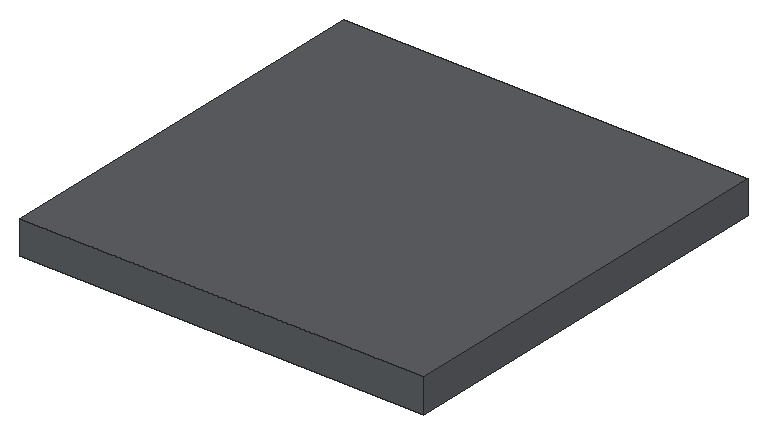
Revit family "Cambio Wall Systems - Designer - Wade Martin 18x18", category Generic Models, host Face, Revit 2023
Family settings
  Host = Face
  Can host rebar = No
  Round Connector Dimension = Use Diameter
  Part Type = Normal
  Cut with Voids When Loaded = No
  Maintain Annotation Orientation = No
  Shared = No
  Room Calculation Point = No
Parameters (values of type "Designer - Wade Martin - Mazing MATTE BLACK")
  Default Elevation = 4' - 0"
  Cambio Material = Cambio - Designer - Wade Martin - Mazing Matte Black
Types (6): name | Cambio Material
  Designer - Wade Martin - Mazing MATTE BLACK | Cambio - Designer - Wade Martin - Mazing Matte Black
  Designer - Wade Martin - Mazing GLOSSY WHITE | Cambio - Designer - Wade Martin - Mazing Glossy White
  Designer - Wade Martin - Facets GLOSSY WHITE | Cambio - Designer - Wade Martin - Facets Glossy White
  Designer - Wade Martin - Flow GLOSSY WHITE | Cambio - Designer - Wade Martin - Flow Glossy White
  Designer - Wade Martin - Flow MATTE BLACK | Cambio - Designer - Wade Martin - Flow Matte Black
  Designer - Wade Martin - Facets MATTE BLACK | Cambio - Designer - Wade Martin - Facets Matte Black
Reference planes (in)
  plane 1 "Center (Front/Back)": y = 0
  plane 2: z = 0
  plane 3 "Center (Left/Right)": x = 0
Forms (in)
  Extrusion 1, solid, material "Cambio - Designer - Wade Martin - Mazing Matte Black" <- "Cambio Material"
    sketch origin (0, 0, 0) x (1, 0, 0) y (0, 1, 0)
      loop
        line (-9, 9) -> (-9, -9) -> (9, -9) -> (9, 9) -> (-9, 9)
    from 0 to 1.5
Dimensions and locks (in)
  Extrusion 1 sketch curve to plane 3 "Center (Left/Right)" to Extrusion 1 sketch curve = 0' - 9" locked, 0' - 9" locked
  Extrusion 1 sketch curve to plane 1 "Center (Front/Back)" to Extrusion 1 sketch curve = 0' - 9" locked, 0' - 9" locked
  aligned and locked: plane 2 to host face
  aligned and locked: level to host face
